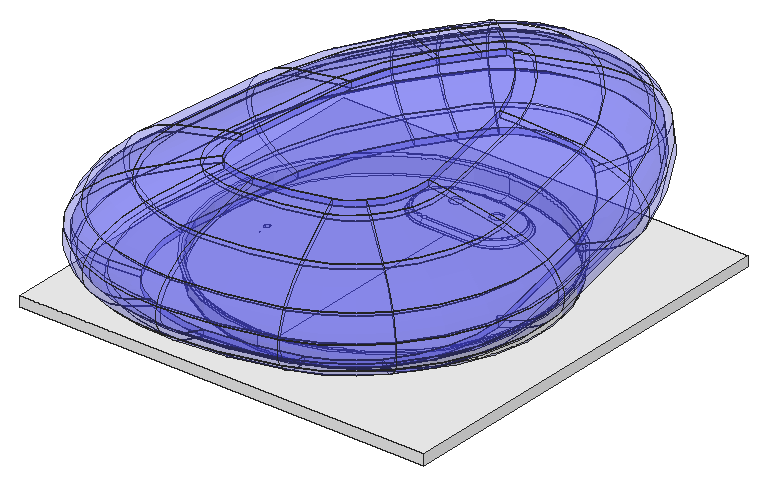
Revit family "BE_51132_de_DE", category Leuchten, Revit 2020
Family settings
  Basisbauteil = Fläche
  Bemaßung runder Anschluss = Durchmesser verwenden
  Teiletyp = Normal
  Beim Laden mit Abzugskörper schneiden = Ja
  Lichtquelle = Ja
  Gemeinsam genutzt = Nein
  Raumberechnungspunkt = Ja
Parameters (values of type "BEGA_51132_K3")
  built-in parameter 1150104 = 13.971 (stored number, unit not read)
  Wattage = 26.4 W
  Default Elevation = 0 mm
  built-in parameter 1150113 = 1 (stored number, unit not read)
  built-in parameter 1114218 = 1 (stored number, unit not read)
  Umgebungstemperatur = "25 °C"
  URL = "https://www.bega.com/de/produkt/51132"
  Typenkommentare = "© 2023 BEGA. Wir behalten uns das Recht vor, technische Änderungen ohne vorherige Ankündigung vorzunehmen."  # constant formula
  built-in parameter 1150134 = (empty or 0)
  built-in parameter 1150109 = 1 (stored number, unit not read)
  built-in parameter 1150110 = 1 (stored number, unit not read)
  Spannung = 239.996 V
  Sonderanfertigung = no
  Seriennummer [instance] = "Hier können Sie die eindeutige Seriennummer für das Facility Management eintragen."
  Schutzklasse = "I"
  Schutzart = "IP 20"
  Scheinlast = 0 VA
  Produktdatenblatt = "https://cdn.bega.com/bega/products/51132K27/current/documents/data-sheets/de"
  Neigungswinkel = 0.00°
  Modell = "51132K3"
  Material_34 = BEGA_Oberfläche_Samtweiss_matt
  Material_11 = BEGA_Glas_opal
  M_W = no
  M_G = no
  M_A = no
  Logo = 0
  built-in parameter 1114217 = 1 (stored number, unit not read)
  built-in parameter 1150139 = (empty or 0)
  built-in parameter 1150105 = 3970 (stored number, unit not read)
  built-in parameter 1150114 = 1 (stored number, unit not read)
  Lumens = 3970.03 lm
  built-in parameter 1150115 = 1 (stored number, unit not read)
  Leuchtenlichtstrom = "2642 lm"
  Lebensdauerkriterien = "L70B50 @ 25 °C = 195000 h"
  Lastklassifizierung = Beleuchtung
  built-in parameter 1150112 = 1 (stored number, unit not read)
  Lampenlichtstrom = "3970 lm"
  Lampe = "LED 26.4 W"
  LED_Modulbezeichnung = "LED-0510/930"
  Hersteller = "BEGA"  # constant formula
  Gewicht = "3.7 kg"
  Frequenz = "0/50-60 Hz"
  Farbwiedergabeindex = "CRI > 90"
  Farbtemperaturverschiebung bei Dämpfen der Lampe = <Keine Auswahl>
  Farbtemperatur = "3000 K"
  Color Filter = 16777215
  built-in parameter 1150133 = 10 (stored number, unit not read)
  Energieeffizienzklasse = "LED A++ - A"
  built-in parameter 1150137 = (empty or 0)
  built-in parameter 1150132 = (empty or 0)
  Dimmbar [instance] = "DALI"
  Datei für fotometrisches Netz = "BE_51132K3.ies"
  CE_Konformität = "ja"
  Bestellnummer = "51132K3"
  Beschreibung_Sonderanfertigung = "Hier können Sie Informationen zur Sonderanfertigung eintragen."
  Beschreibung = "Wandleuchte"
  built-in parameter 1150106 = 39.7 (stored number, unit not read)
  Befestigungsbohrung = "Ø 5,5 mm"
  Befestigungsabstand = "230 mm"
  BEGA_Intern_aus = yes
  BEGA_Intern_an = yes
  BEGA_Intern_Konstruktion = yes
  BEGA_Intern = yes
  BEGA_IES = yes
  BEGA_Dummy = no
  Anschlussleistung [instance] = "30 W"
  built-in parameter 1150107 = 3000 (stored number, unit not read)
  built-in parameter 1150102 = (empty or 0)
  built-in parameter 1150138 = (empty or 0)
  Aktualisierung = "2023-05-17T04:00:04"
  AC/DC = "AC/DC"
Types (2, lengths in mm): name | built-in parameter 1150104 | Modell | built-in parameter 1150105 | Lumens | Leuchtenlichtstrom | Lampenlichtstrom | LED_Modulbezeichnung | Farbtemperatur | Datei für fotometrisches Netz | Bestellnummer | built-in parameter 1150106 | built-in parameter 1150107
  BEGA_51132_K27 | 13.53 (stored number, unit not read) | "51132K27" | 305.97 (stored number, unit not read) | 3844.9 lm | "2558 lm" | "3845 lm" | "LED-0510/927" | "2700 K" | "BE_51132K27.ies" | "51132K27" | 3.0597 (stored number, unit not read) | 2700 (stored number, unit not read)
  BEGA_51132_K3 | 13.971 (stored number, unit not read) | "51132K3" | 3970 (stored number, unit not read) | 3970.03 lm | "2642 lm" | "3970 lm" | "LED-0510/930" | "3000 K" | "BE_51132K3.ies" | "51132K3" | 39.7 (stored number, unit not read) | 3000 (stored number, unit not read)
Reference planes
  plane 1 "Mitte (Vorne/Hinten)": y = 0
  plane 2: z = 0
  plane 3 "Mitte (Links/Rechts)": x = 0
  plane 4 "Links": x = -200.736
  plane 5 "Rechts": x = 205.382
  plane 6 "Unten": y = -251.651
  plane 7 "Oben": y = 278.851
  plane 8 "Vorne": z = 133.195
  plane 9 "Hinten": z = 0
Forms (mm)
  Extrusion 1, solid, material "BEGA_Platte_Weiss"
    sketch origin (0, -1119.2, 0) x (1, 0, 0) y (0, 1, 0)
      loop
        line (-200, 1319.2) -> (-200, 919.2) -> (200, 919.2) -> (200, 1319.2) -> (-200, 1319.2)
    from 0 to -10
  Extrusion 2, solid, material "BEGA_Dummy_matt", visible <- "BEGA_Dummy"
    sketch origin (80.095, -76.023, 0) x (1, 0, 0) y (0, 1, 0)
      loop
        line (-280.831, 354.874) -> (-280.831, -175.628) -> (125.287, -175.628) -> (125.287, 354.874) -> (-280.831, 354.874)
    from 0 to 133.195
Dimensions and locks
  plane 1 "Mitte (Vorne/Hinten)" to Extrusion 1 = 200 mm
  aligned and locked: plane 2 to Extrusion 1
  aligned and locked: level to Extrusion 1
Nested families
  nested 1: "BE_51132_Leuchte" at (0, 0, 0), type "BE_51132_Leuchte"
Connectors
  electrical at (0, 0, 0), driven by "Lastklassifizierung", driven by "Spannung", driven by "Scheinlast"
    settings: index 1, voltage 239.996 V, apparent load 0 VA, apparent load phase1 0 VA, apparent load phase2 0 VA, apparent load phase3 0 VA, power factor 1, load classification "Beleuchtung", number of poles 1, system type 31, power factor state 1, is connector primary yes, connector utility no, sub classification motor no, connector description ""
Definition of nested family "BE_51132_Leuchte"
  Parameters (values of type "BE_51132_Leuchte")
    Default Elevation = 1 mm
    URL = "http://www.bega.de/de/produkt"
    Type Comments = "© 2015 BEGA. Wir behalten uns das Recht vor, technische Änderungen ohne vorherige Ankündigung vorzunehmen. "  # constant formula
    Type Image = (empty or 0)
    Material_34 = none
    Material_11 = none
    Länge_Platte = 320 mm  # constant formula
    Höhe_Platte = -10 mm  # constant formula
    Manufacturer = "BEGA"  # constant formula
    Breite_Platte = 320 mm  # constant formula
  Reference planes
    plane 1 "Mitte (Oben/Unten)": y = 0
    plane 2: z = 0
    plane 3 "Mitte (Links/Rechts)": x = 0
    plane 4: z = 133.195
    plane 5: y = 278.851
    plane 6: y = -251.651
    plane 7: x = -200.736
    plane 8: x = 205.382
  Forms (mm)
    Extrusion 1, solid, detail levels medium
      sketch origin (0, 0, 0) x (1, 0, 0) y (0, 1, 0)
        loop
          line (-160, 160) -> (-160, -160) -> (160, -160) -> (160, 160) -> (-160, 160)
      from 0 to -10 <- "Höhe_Platte"
    Revolve 2, solid, material <- "Material_34"
      sketch origin (0, 0, 0) x (0, 1, 0) y (0, 0, 1)
        loop
          line (-159, 20.8) -> (-159, 19.8) -> (-156.827, 19.8)
          arc (-156.827, 19.8) -> (-156.266, 19.571) -> (-156.024, 19.014) r 0.8
          line (-156.024, 19.014) -> (-155.767, 4.273)
          arc (-155.767, 4.273) -> (-155.172, 2.876) -> (-153.767, 2.3) r 2
          line (-153.767, 2.3) -> (0, 2.3) -> (0, 3.3) -> (-153.767, 3.3)
          arc (-153.767, 3.3) -> (-154.466, 3.585) -> (-154.767, 4.277) r 1
          line (-154.767, 4.277) -> (-155.023, 18.922)
          arc (-155.023, 18.922) -> (-155.521, 20.245) -> (-156.821, 20.8) r 1.8
          line (-156.821, 20.8) -> (-159, 20.8)
        axis (0, 2.3) -> (0, 20.8)
      angle from 0 to 360
    Revolve 3, solid, material <- "Material_34"
      sketch origin (0.045, -0.026, 0) x (-0.865872, -0.500265, 0) y (0, 0, 1)
        loop
          arc (-151.405, 2.3) -> (-148.937, 0.599) -> (-146, 0) r 7.5
          line (-146, 0) -> (-146, 2.3) -> (-151.405, 2.3)
        axis (-146, 0) -> (-146, 2.3)
      angle from 0 to 360
    Revolve 4, solid, material <- "Material_34"
      sketch origin (0.045, 0.026, 0) x (0.866184, -0.499726, 0) y (0, 0, 1)
        loop
          arc (-151.405, 2.3) -> (-148.937, 0.599) -> (-146, 0) r 7.5
          line (-146, 0) -> (-146, 2.3) -> (-151.405, 2.3)
        axis (-146, 0) -> (-146, 2.3)
      angle from 0 to 360
    Revolve 5, solid, material <- "Material_34"
      sketch origin (0, 0, 0) x (0.000015, 1, 0) y (0, 0, 1)
        loop
          arc (-151.405, 2.3) -> (-148.937, 0.599) -> (-146, 0) r 7.5
          line (-146, 0) -> (-146, 2.3) -> (-151.405, 2.3)
        axis (-146, 0) -> (-146, 2.3)
      angle from 0 to 360
    Extrusion 6, void
      sketch origin (0, 0, 0) x (1, 0, 0) y (0, 1, 0)
        loop
          arc (32.023, 136.417) -> (0, 140.125) -> (-32.023, 136.417) r 140.125
          arc (-32.023, 136.417) -> (-55.526, 102.965) -> (-25, 75.77) r 30.73
          line (-25, 75.77) -> (25, 75.77)
          arc (25, 75.77) -> (55.526, 102.965) -> (32.023, 136.417) r 30.73
      from 2.3 to 9.8
    Sweep 7, solid, material <- "Material_34"
      path origin (0, 0, 0) x (1, 0, 0) y (0, 1, 0)
        loop
          arc (32.023, 136.417) -> (0, 140.125) -> (-32.023, 136.417) r 140.125
          arc (-32.023, 136.417) -> (-55.526, 102.965) -> (-25, 75.77) r 30.73
          line (-25, 75.77) -> (25, 75.77)
          arc (25, 75.77) -> (55.526, 102.965) -> (32.023, 136.417) r 30.73
      profile origin (0, 140.125, 0) x (0, -1, 0) y (0, 0, 1)
        loop
          arc (1.723, 4.284) -> (0.992, 3.563) -> (0, 3.3) r 2
          line (0, 3.3) -> (0, 2.3)
          arc (0, 2.3) -> (1.51, 2.695) -> (2.617, 3.794) r 3
          line (2.617, 3.794) -> (4.697, 7.396)
          arc (4.697, 7.396) -> (5.05, 7.693) -> (5.5, 7.8) r 1
          line (5.5, 7.8) -> (5.5, 8.8)
          arc (5.5, 8.8) -> (4.5, 8.532) -> (3.768, 7.8) r 2
          line (3.768, 7.8) -> (1.723, 4.284)
    Extrusion 8, solid, material <- "Material_34"
      sketch origin (0, 0, 0) x (1, 0, 0) y (0, 1, 0)
        loop
          arc (30.766, 131.063) -> (0, 134.625) -> (-30.766, 131.063) r 134.625
          arc (-30.766, 131.063) -> (-50.063, 103.598) -> (-25, 81.27) r 25.23
          line (-25, 81.27) -> (25, 81.27)
          arc (25, 81.27) -> (50.063, 103.598) -> (30.766, 131.063) r 25.23
      from 7.8 to 8.8
    Extrusion 9, void
      sketch origin (0, 0, 0) x (1, 0, 0) y (0, 1, 0)
        loop
          circle (-20, 115) r 6
        loop
          circle (20, 115) r 6
      from 0 to 250
    Revolve 10, solid, material <- "Material_34"
      sketch origin (-115.03, 0, 0) x (0, 1, 0) y (0, 0, 1)
        loop
          line (0, 2.3) -> (-9.43, 2.3) -> (-8.406, 1.079)
          arc (-8.406, 1.079) -> (-7.374, 0.283) -> (-6.101, 0) r 3
          line (-6.101, 0) -> (0, 0) -> (0, 2.3)
        axis (0, 0) -> (0, 2.3)
      angle from 0 to 360
    Revolve 11, solid, material <- "Material_34"
      sketch origin (114.97, 0, 0) x (0, 1, 0) y (0, 0, 1)
        loop
          line (0, 2.3) -> (-9.43, 2.3) -> (-8.406, 1.079)
          arc (-8.406, 1.079) -> (-7.374, 0.283) -> (-6.101, 0) r 3
          line (-6.101, 0) -> (0, 0) -> (0, 2.3)
        axis (0, 0) -> (0, 2.3)
      angle from 0 to 360
    Extrusion 12, void
      sketch origin (0, 0, 0) x (1, 0, 0) y (0, 1, 0)
        loop
          circle (-115, 0) r 2.75
        loop
          circle (115, 0) r 2.75
      from 0 to 250
    Sweep 13, solid, material <- "Material_11"
      path origin (0, -0.306, 0) x (1, 0, 0) y (0, 1, 0)
        loop
          arc (-89.5, 240.474) -> (-101.433, 224.49) -> (-113.093, 208.306) r 1174.467
          arc (-113.093, 208.306) -> (-123.789, 192.933) -> (-134.238, 177.392) r 1174.467
          arc (-134.238, 177.392) -> (-163.741, 121.267) -> (-181.506, 60.399) r 317.598
          arc (-181.506, 60.399) -> (-191.634, -5.241) -> (-197.687, -71.382) r 1074.52
          arc (-197.687, -71.382) -> (-192.579, -126.752) -> (-171.094, -178.04) r 183.202
          arc (-171.094, -178.04) -> (-144.09, -209.962) -> (-108.72, -232.26) r 137.101
          arc (-108.72, -232.26) -> (-67.511, -245.04) -> (-24.515, -248.628) r 198.824
          arc (-24.515, -248.628) -> (28.573, -243.302) -> (80.281, -230.15) r 358.205
          arc (80.281, -230.15) -> (121.696, -209.708) -> (156.164, -178.966) r 171.709
          arc (156.164, -178.966) -> (194.267, -109.574) -> (201.482, -30.739) r 194.03
          arc (201.482, -30.739) -> (189.786, 40.911) -> (171.328, 111.123) r 762.402
          arc (171.328, 111.123) -> (139.166, 180.955) -> (90.5, 240.474) r 303.731
          arc (90.5, 240.474) -> (0.5, 276.342) -> (-89.5, 240.474) r 130.848
      profile origin (0.5, 276.036, 0) x (0, 1, 0) y (0, 0, 1)
        loop
          arc (-30.273, 29.325) -> (-16.17, 36.924) -> (-4.207, 47.576) r 68.816
          arc (-4.207, 47.576) -> (2.04, 59.936) -> (1.36, 73.767) r 27.077
          arc (1.36, 73.767) -> (-4.14, 85.135) -> (-12.62, 94.493) r 44.358
          arc (-12.62, 94.493) -> (-31.41, 107.08) -> (-52.353, 115.619) r 111.588
          arc (-52.353, 115.619) -> (-78.279, 122.899) -> (-104.372, 129.558) r 1128.324
          arc (-104.372, 129.558) -> (-113.058, 131.517) -> (-121.802, 133.195) r 276.213
          line (-121.802, 133.195) -> (-121.802, 127.075)
          arc (-121.802, 127.075) -> (-113.842, 125.52) -> (-105.933, 123.727) r 270.213
          arc (-105.933, 123.727) -> (-79.979, 117.104) -> (-54.19, 109.863) r 1122.324
          arc (-54.19, 109.863) -> (-34.374, 101.782) -> (-16.594, 89.872) r 105.588
          arc (-16.594, 89.872) -> (-9.261, 81.78) -> (-4.505, 71.95) r 38.358
          arc (-4.505, 71.95) -> (-3.975, 61.183) -> (-8.838, 51.563) r 21.077
          arc (-8.838, 51.563) -> (-19.759, 41.839) -> (-32.631, 34.903) r 62.816
          arc (-32.631, 34.903) -> (-45.332, 30.455) -> (-58.353, 27.055) r 165.289
          line (-58.353, 27.055) -> (-58.353, 20.889)
          arc (-58.353, 20.889) -> (-44.132, 24.505) -> (-30.273, 29.325) r 171.289
    Extrusion 14, solid, material <- "Material_11"
      sketch origin (0, 0, 0) x (1, 0, 0) y (0, 1, 0)
        loop
          arc (-61.761, 37.808) -> (-70.74, -20.391) -> (-76.107, -79.035) r 952.719
          arc (-76.107, -79.035) -> (-74.395, -97.592) -> (-67.195, -114.781) r 61.4
          arc (-67.195, -114.781) -> (-64.181, -118.343) -> (-60.234, -120.832) r 15.299
          arc (-60.234, -120.832) -> (-44.27, -125.782) -> (-27.614, -127.172) r 77.023
          arc (-27.614, -127.172) -> (7.423, -123.657) -> (41.548, -114.977) r 236.403
          arc (41.548, -114.977) -> (53.585, -109.036) -> (63.603, -100.101) r 49.907
          arc (63.603, -100.101) -> (77.787, -74.269) -> (80.473, -44.923) r 72.229
          arc (80.473, -44.923) -> (70.646, 15.28) -> (55.137, 74.276) r 640.6
          arc (55.137, 74.276) -> (35.872, 116.104) -> (6.723, 151.754) r 181.929
          arc (6.723, 151.754) -> (2.681, 153.968) -> (-1.927, 153.902) r 9.046
          arc (-1.927, 153.902) -> (-7.836, 145.8) -> (-13.668, 137.642) r 1052.665
          arc (-13.668, 137.642) -> (-23.255, 123.863) -> (-32.62, 109.933) r 1052.665
          arc (-32.62, 109.933) -> (-50.808, 75.333) -> (-61.761, 37.808) r 195.796
      from 127.075 to 133.195
    Extrusion 15, solid, material <- "Material_11"
      sketch origin (0, 0, 0) x (1, 0, 0) y (0, 1, 0)
        loop
          arc (-25.999, -190.294) -> (18.44, -185.836) -> (61.725, -174.826) r 299.851
          arc (61.725, -174.826) -> (89.065, -161.331) -> (111.82, -141.036) r 113.355
          arc (111.82, -141.036) -> (138.463, -92.514) -> (143.508, -37.387) r 135.677
          arc (143.508, -37.387) -> (132.708, 28.778) -> (115.662, 93.617) r 704.049
          arc (115.662, 93.617) -> (89.68, 150.032) -> (50.364, 198.117) r 245.377
          arc (50.364, 198.117) -> (2.56, 217.96) -> (-46.293, 200.864) r 72.495
          arc (-46.293, 200.864) -> (-55.972, 187.801) -> (-65.46, 174.599) r 1116.114
          arc (-65.46, 174.599) -> (-75.624, 159.99) -> (-85.555, 145.22) r 1116.114
          arc (-85.555, 145.22) -> (-109.637, 99.407) -> (-124.138, 49.723) r 259.245
          arc (-124.138, 49.723) -> (-133.716, -12.353) -> (-139.44, -74.901) r 1016.167
          arc (-139.44, -74.901) -> (-135.959, -112.635) -> (-121.317, -147.587) r 124.848
          arc (-121.317, -147.587) -> (-105.807, -165.922) -> (-85.491, -178.73) r 78.747
          arc (-85.491, -178.73) -> (-56.376, -187.759) -> (-25.999, -190.294) r 140.471
      from 20.8 to 26.874
  Cuts and joins
    Extrusion 6, Extrusion 9, Extrusion 12 cuts Revolve 2
    Extrusion 6, Extrusion 9, Extrusion 12 cuts Revolve 3
    Extrusion 6, Extrusion 9, Extrusion 12 cuts Revolve 4
    Extrusion 6, Extrusion 9, Extrusion 12 cuts Revolve 5
    Extrusion 9, Extrusion 12 cuts Extrusion 8
    Extrusion 12 cuts Revolve 10
    Extrusion 12 cuts Revolve 11
    joined: Revolve 2, Revolve 3, Revolve 4, Revolve 5, Extrusion 8, Revolve 10, Revolve 11
    joined: Extrusion 14, Extrusion 15
  Dimensions and locks
    equal spacing: Extrusion 1 sketch curve, plane 3 "Mitte (Links/Rechts)", Extrusion 1 sketch curve
    equal spacing: Extrusion 1 sketch curve, plane 1 "Mitte (Oben/Unten)", Extrusion 1 sketch curve
    "Länge_Platte": Extrusion 1 sketch curve to Extrusion 1 sketch curve
    "Breite_Platte": Extrusion 1 sketch curve to Extrusion 1 sketch curve
    plane 1 "Mitte (Oben/Unten)" to Extrusion 1 = 160 mm  (x3)
    aligned and locked: plane 2 to Extrusion 1
    aligned and locked: level to Extrusion 1
  Automatic sketch dimensions
    Revolve 2 sketch curve to Revolve 2 sketch curve = 0 mm  (x3)
    Revolve 2 sketch curve to plane 1 "Mitte (Oben/Unten)" = 0 mm  (x2)
    level to Revolve 2 sketch curve = 3.3 mm
    plane 1 "Mitte (Oben/Unten)" to Revolve 2 sketch curve = 153.767 mm
    level to Revolve 2 sketch curve = 4.277 mm
    Revolve 2 sketch curve to Revolve 2 sketch curve = 1 mm  (x3)
    level to Revolve 2 sketch curve = 18.922 mm
    Revolve 2 sketch curve to Revolve 2 sketch curve = 0.256 mm
    level to Revolve 2 sketch curve = 4.273 mm
    Revolve 2 sketch curve to Revolve 2 sketch curve = 1.798 mm
    Revolve 2 sketch curve to Revolve 2 sketch curve = 0.005 mm
    Revolve 2 sketch curve to Revolve 2 sketch curve = 2.179 mm
    Revolve 2 sketch curve to Revolve 2 sketch curve = 0.078 mm
    level to Revolve 2 sketch curve = 19.014 mm
    Revolve 2 sketch curve to Revolve 2 sketch curve = 0.797 mm
    Revolve 2 sketch curve to Revolve 2 sketch curve = 0.002 mm
    Revolve 2 sketch curve to level = 609.6 mm
    Revolve 2 sketch curve to Revolve 2 sketch curve = 2323.007 mm
    level to Revolve 3 sketch curve = 0 mm  (x2)
    level to Revolve 3 sketch curve = 2.3 mm
    Revolve 3 sketch curve to Revolve 3 sketch curve = 5.405 mm
    Revolve 3 sketch curve to Revolve 3 sketch curve = 0 mm
    Revolve 3 sketch curve to Revolve 3 sketch curve = 1.715 mm
    Revolve 4 sketch curve to level = 0 mm  (x2)
    level to Revolve 4 sketch curve = 2.3 mm
    Revolve 4 sketch curve to Revolve 4 sketch curve = 5.405 mm
    Revolve 4 sketch curve to Revolve 4 sketch curve = 0 mm
    Revolve 4 sketch curve to Revolve 4 sketch curve = 1.715 mm
    Revolve 5 sketch curve to level = 0 mm  (x2)
    level to Revolve 5 sketch curve = 2.3 mm
    Revolve 5 sketch curve to Revolve 5 sketch curve = 5.405 mm
    Revolve 5 sketch curve to Revolve 5 sketch curve = 0 mm
    Revolve 5 sketch curve to Revolve 5 sketch curve = 1.715 mm
    plane 1 "Mitte (Oben/Unten)" to Extrusion 6 sketch curve = 0 mm
    Extrusion 6 sketch curve to plane 3 "Mitte (Links/Rechts)" = 0 mm
    Extrusion 6 sketch curve to plane 3 "Mitte (Links/Rechts)" = 25 mm  (x2)
    plane 3 "Mitte (Links/Rechts)" to Extrusion 6 sketch curve = 25 mm  (x2)
    Extrusion 6 sketch curve to plane 1 "Mitte (Oben/Unten)" = 106.5 mm
    Extrusion 6 sketch curve to Extrusion 6 sketch curve = 0 mm  (x6)
    Extrusion 6 sketch curve to Extrusion 6 sketch curve = 7.023 mm
    plane 1 "Mitte (Oben/Unten)" to Sweep 7 sketch curve = 0 mm
    Sweep 7 sketch curve to plane 3 "Mitte (Links/Rechts)" = 0 mm
    Sweep 7 sketch curve to plane 3 "Mitte (Links/Rechts)" = 25 mm
    plane 3 "Mitte (Links/Rechts)" to Sweep 7 sketch curve = 25 mm  (x2)
    Sweep 7 sketch curve to plane 1 "Mitte (Oben/Unten)" = 106.5 mm
    Sweep 7 sketch curve to Sweep 7 sketch curve = 0 mm  (x7)
    Sweep 7 sketch curve to Sweep 7 sketch curve = 7.023 mm
    Sweep 7 sketch curve to profile plane = 0 mm
    profile plane to Sweep 7 sketch curve = 0 mm
    Sweep 7 sketch curve to profile plane = 0.023 mm
    Sweep 7 sketch curve to profile plane = 1.723 mm
    Sweep 7 sketch curve to Sweep 7 sketch curve = 0.895 mm
    Sweep 7 sketch curve to Sweep 7 sketch curve = 2.079 mm
    Sweep 7 sketch curve to Sweep 7 sketch curve = 0.803 mm
    level to Sweep 7 sketch curve = 2.3 mm
    Sweep 7 sketch curve to Sweep 7 sketch curve = 1 mm  (x2)
    Sweep 7 sketch curve to Sweep 7 sketch curve = 0.494 mm
    Sweep 7 sketch curve to Sweep 7 sketch curve = 0.49 mm
    Sweep 7 sketch curve to Sweep 7 sketch curve = 3.006 mm
    Sweep 7 sketch curve to Sweep 7 sketch curve = 0.596 mm
    Sweep 7 sketch curve to Sweep 7 sketch curve = 0.94 mm
    Sweep 7 sketch curve to Sweep 7 sketch curve = 0.011 mm
    Sweep 7 sketch curve to Sweep 7 sketch curve = 0.007 mm
    plane 1 "Mitte (Oben/Unten)" to Extrusion 8 sketch curve = 0 mm
    Extrusion 8 sketch curve to plane 3 "Mitte (Links/Rechts)" = 0 mm
    Extrusion 8 sketch curve to plane 3 "Mitte (Links/Rechts)" = 25 mm
    plane 3 "Mitte (Links/Rechts)" to Extrusion 8 sketch curve = 25 mm  (x2)
    Extrusion 8 sketch curve to plane 1 "Mitte (Oben/Unten)" = 106.5 mm
    Extrusion 8 sketch curve to Extrusion 8 sketch curve = 0 mm  (x6)
    Extrusion 8 sketch curve to Extrusion 8 sketch curve = 5.766 mm
    Revolve 10 sketch curve to level = 0 mm
    Revolve 10 sketch curve to plane 1 "Mitte (Oben/Unten)" = 0 mm  (x2)
    plane 1 "Mitte (Oben/Unten)" to Revolve 10 sketch curve = 6.101 mm
    level to Revolve 10 sketch curve = 1.079 mm
    Revolve 10 sketch curve to Revolve 10 sketch curve = 2.305 mm
    level to Revolve 10 sketch curve = 2.3 mm
    Revolve 10 sketch curve to Revolve 10 sketch curve = 1.024 mm
    Revolve 10 sketch curve to level = 609.6 mm
    Revolve 10 sketch curve to Revolve 10 sketch curve = 2340.807 mm
    Revolve 11 sketch curve to level = 0 mm
    Revolve 11 sketch curve to plane 1 "Mitte (Oben/Unten)" = 0 mm  (x2)
    Revolve 11 sketch curve to Revolve 11 sketch curve = 6.101 mm
    level to Revolve 11 sketch curve = 1.079 mm
    Revolve 11 sketch curve to Revolve 11 sketch curve = 2.305 mm
    level to Revolve 11 sketch curve = 2.3 mm
    Revolve 11 sketch curve to Revolve 11 sketch curve = 1.024 mm
    Revolve 11 sketch curve to level = 609.6 mm
    Revolve 11 sketch curve to Revolve 11 sketch curve = 2340.807 mm
    Sweep 13 sketch curve to Sweep 13 sketch curve = 0 mm  (x29)
    plane 1 "Mitte (Oben/Unten)" to Sweep 13 sketch curve = 117.908 mm
    Sweep 13 sketch curve to plane 3 "Mitte (Links/Rechts)" = 555.956 mm
    Sweep 13 sketch curve to plane 1 "Mitte (Oben/Unten)" = 19.696 mm
    Sweep 13 sketch curve to plane 3 "Mitte (Links/Rechts)" = 118.412 mm
    Sweep 13 sketch curve to plane 3 "Mitte (Links/Rechts)" = 54.144 mm
    Sweep 13 sketch curve to plane 3 "Mitte (Links/Rechts)" = 33.628 mm
    Sweep 13 sketch curve to plane 3 "Mitte (Links/Rechts)" = 29.573 mm
    Sweep 13 sketch curve to plane 3 "Mitte (Links/Rechts)" = 14.819 mm
    plane 3 "Mitte (Links/Rechts)" to Sweep 13 sketch curve = 0.5 mm
    plane 3 "Mitte (Links/Rechts)" to Sweep 13 sketch curve = 8.715 mm
    Sweep 13 sketch curve to Sweep 13 sketch curve = 16.963 mm
    Sweep 13 sketch curve to plane 1 "Mitte (Oben/Unten)" = 1.986 mm
    Sweep 13 sketch curve to Sweep 13 sketch curve = 105.053 mm
    plane 1 "Mitte (Oben/Unten)" to Sweep 13 sketch curve = 470.427 mm
    Sweep 13 sketch curve to Sweep 13 sketch curve = 29.268 mm
    plane 1 "Mitte (Oben/Unten)" to Sweep 13 sketch curve = 136.499 mm
    plane 1 "Mitte (Oben/Unten)" to Sweep 13 sketch curve = 106.797 mm
    Sweep 13 sketch curve to Sweep 13 sketch curve = 24.059 mm
    Sweep 13 sketch curve to Sweep 13 sketch curve = 15.077 mm
    Sweep 13 sketch curve to Sweep 13 sketch curve = 14.509 mm
    Sweep 13 sketch curve to Sweep 13 sketch curve = 32.564 mm
    Sweep 13 sketch curve to plane 1 "Mitte (Oben/Unten)" = 109.154 mm
    Sweep 13 sketch curve to Sweep 13 sketch curve = 36.034 mm
    plane 1 "Mitte (Oben/Unten)" to Sweep 13 sketch curve = 71.688 mm
    Sweep 13 sketch curve to Sweep 13 sketch curve = 21.145 mm
    Sweep 13 sketch curve to Sweep 13 sketch curve = 23.593 mm
    plane 3 "Mitte (Links/Rechts)" to Sweep 13 sketch curve = 90.5 mm
    Extrusion 15 sketch curve to plane 3 "Mitte (Links/Rechts)" = 33.628 mm
    Extrusion 15 sketch curve to plane 3 "Mitte (Links/Rechts)" = 29.573 mm
    plane 1 "Mitte (Oben/Unten)" to Extrusion 15 sketch curve = 49.868 mm
    Extrusion 15 sketch curve to plane 1 "Mitte (Oben/Unten)" = 109.46 mm
    Extrusion 15 sketch curve to plane 3 "Mitte (Links/Rechts)" = 85.491 mm
    Extrusion 15 sketch curve to plane 3 "Mitte (Links/Rechts)" = 25.999 mm
    Extrusion 15 sketch curve to Extrusion 15 sketch curve = 0 mm  (x12)
    plane 3 "Mitte (Links/Rechts)" to Extrusion 15 sketch curve = 61.725 mm
    plane 3 "Mitte (Links/Rechts)" to Extrusion 15 sketch curve = 25.678 mm
    Extrusion 15 sketch curve to Extrusion 15 sketch curve = 50.095 mm
    plane 3 "Mitte (Links/Rechts)" to Extrusion 15 sketch curve = 8.715 mm
    plane 1 "Mitte (Oben/Unten)" to Extrusion 15 sketch curve = 37.387 mm
    plane 1 "Mitte (Oben/Unten)" to Extrusion 15 sketch curve = 117.602 mm
    plane 3 "Mitte (Links/Rechts)" to Extrusion 15 sketch curve = 115.662 mm
    Extrusion 15 sketch curve to plane 1 "Mitte (Oben/Unten)" = 20.002 mm
    plane 3 "Mitte (Links/Rechts)" to Extrusion 15 sketch curve = 50.364 mm
    plane 3 "Mitte (Links/Rechts)" to Extrusion 15 sketch curve = 0.5 mm
    Extrusion 15 sketch curve to plane 3 "Mitte (Links/Rechts)" = 46.293 mm
    Extrusion 15 sketch curve to Extrusion 15 sketch curve = 733.789 mm
    plane 1 "Mitte (Oben/Unten)" to Extrusion 15 sketch curve = 470.12 mm
    Extrusion 15 sketch curve to Extrusion 15 sketch curve = 19.167 mm
    Extrusion 15 sketch curve to Extrusion 15 sketch curve = 20.094 mm
    Extrusion 15 sketch curve to plane 1 "Mitte (Oben/Unten)" = 2.292 mm
    Extrusion 15 sketch curve to Extrusion 15 sketch curve = 5.726 mm
    plane 1 "Mitte (Oben/Unten)" to Extrusion 15 sketch curve = 136.192 mm
    Extrusion 15 sketch curve to Extrusion 15 sketch curve = 21.028 mm
    Extrusion 15 sketch curve to plane 3 "Mitte (Links/Rechts)" = 14.819 mm
    Extrusion 15 sketch curve to Extrusion 15 sketch curve = 35.826 mm
    profile plane to Sweep 13 sketch curve = 370.458 mm
    Sweep 13 sketch curve to Sweep 13 sketch curve = 0.147 mm  (x7)
    profile plane to Sweep 13 sketch curve = 169.621 mm
    profile plane to Sweep 13 sketch curve = 121.802 mm
    Sweep 13 sketch curve to Sweep 13 sketch curve = 28.236 mm
    level to Sweep 13 sketch curve = 8.553 mm
    profile plane to Sweep 13 sketch curve = 83.945 mm
    Sweep 13 sketch curve to Sweep 13 sketch curve = 25.445 mm
    profile plane to Sweep 13 sketch curve = 55.789 mm
    Sweep 13 sketch curve to Sweep 13 sketch curve = 14.581 mm
    Sweep 13 sketch curve to Sweep 13 sketch curve = 16.322 mm
    Sweep 13 sketch curve to level = 138.874 mm
    Sweep 13 sketch curve to Sweep 13 sketch curve = 828.104 mm
    level to Sweep 13 sketch curve = 20.889 mm
    Sweep 13 sketch curve to Sweep 13 sketch curve = 6.167 mm
    Sweep 13 sketch curve to Sweep 13 sketch curve = 33.276 mm
    Sweep 13 sketch curve to Sweep 13 sketch curve = 5.235 mm
    Sweep 13 sketch curve to Sweep 13 sketch curve = 32.964 mm
    Sweep 13 sketch curve to Sweep 13 sketch curve = 33.78 mm
    Sweep 13 sketch curve to Sweep 13 sketch curve = 6.12 mm
    Sweep 13 sketch curve to Sweep 13 sketch curve = 58.992 mm
    Extrusion 14 sketch curve to plane 1 "Mitte (Oben/Unten)" = 1.986 mm
    Extrusion 14 sketch curve to plane 8 = 74.652 mm
    Extrusion 14 sketch curve to plane 6 = 115.152 mm
    plane 8 to Extrusion 14 sketch curve = 669.495 mm
    Extrusion 14 sketch curve to plane 3 "Mitte (Links/Rechts)" = 32.62 mm
    Extrusion 14 sketch curve to plane 1 "Mitte (Oben/Unten)" = 37.808 mm
    Extrusion 14 sketch curve to Extrusion 14 sketch curve = 0 mm  (x11)
    Extrusion 14 sketch curve to plane 3 "Mitte (Links/Rechts)" = 76.107 mm
    Extrusion 14 sketch curve to plane 3 "Mitte (Links/Rechts)" = 14.819 mm
    Extrusion 14 sketch curve to Extrusion 14 sketch curve = 8.913 mm
    Extrusion 14 sketch curve to Extrusion 14 sketch curve = 13.051 mm
    Extrusion 14 sketch curve to plane 3 "Mitte (Links/Rechts)" = 29.573 mm
    Extrusion 14 sketch curve to Extrusion 14 sketch curve = 32.564 mm
    Extrusion 14 sketch curve to plane 3 "Mitte (Links/Rechts)" = 27.614 mm
    Extrusion 14 sketch curve to Extrusion 14 sketch curve = 1.008 mm
    plane 3 "Mitte (Links/Rechts)" to Extrusion 14 sketch curve = 41.548 mm
    plane 3 "Mitte (Links/Rechts)" to Extrusion 14 sketch curve = 25.678 mm
    Extrusion 14 sketch curve to Extrusion 14 sketch curve = 22.055 mm
    plane 3 "Mitte (Links/Rechts)" to Extrusion 14 sketch curve = 8.715 mm
    plane 1 "Mitte (Oben/Unten)" to Extrusion 14 sketch curve = 44.923 mm
    plane 1 "Mitte (Oben/Unten)" to Extrusion 14 sketch curve = 117.908 mm
    plane 3 "Mitte (Links/Rechts)" to Extrusion 14 sketch curve = 55.137 mm
    Extrusion 14 sketch curve to plane 1 "Mitte (Oben/Unten)" = 19.696 mm
    plane 3 "Mitte (Links/Rechts)" to Extrusion 14 sketch curve = 6.723 mm
    plane 3 "Mitte (Links/Rechts)" to Extrusion 14 sketch curve = 0.5 mm
    Extrusion 14 sketch curve to plane 3 "Mitte (Links/Rechts)" = 1.927 mm
    Extrusion 14 sketch curve to Extrusion 14 sketch curve = 29.268 mm
    plane 6 to Extrusion 14 sketch curve = 218.776 mm
    Extrusion 14 sketch curve to plane 3 "Mitte (Links/Rechts)" = 13.668 mm
